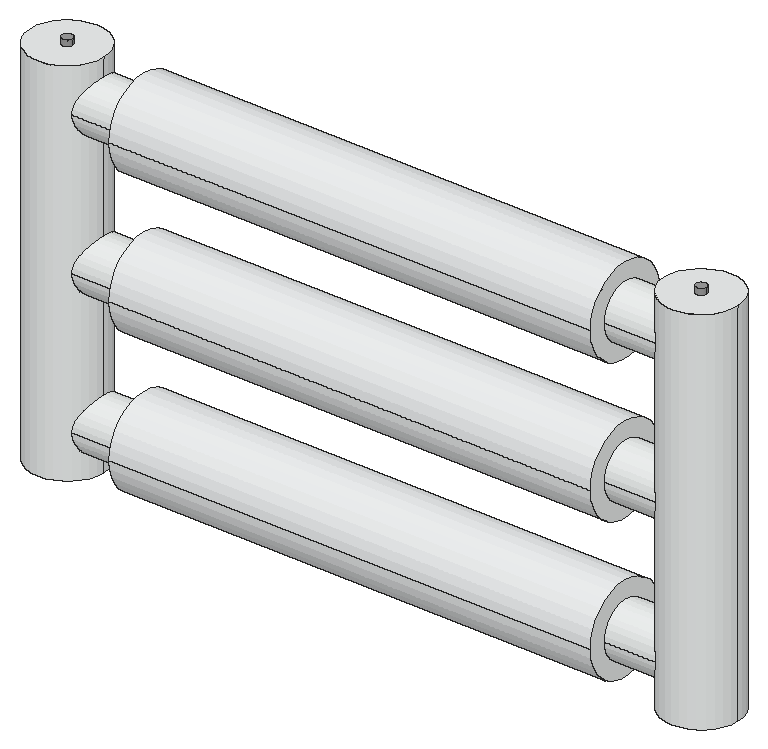
Revit family
Parameters (values of type "K101-164-12")
  URL = "http://viewer.zmags.com/publication/f01ae52f"
  Tube Radius = 50.8 mm
  Tube = RAL 9016
  Thermal Performance = Thermal Performance Constant * Length / 1000 mm  # 216
  Socket Thick = 10 mm
  Socket Radius = 10 mm
  Socket = RAL 9016
  Side Tube Radius = 69.5 mm
  R = Centre Line Distance / 2  # 135 mm
  Offset = 75 mm + Side Tube Radius  # 144.5 mm
  Model = "K101-164-12"
  Manufacturer = "Meinertz"  # constant formula
  Length = 1200 mm
  L = Length / 2  # 600 mm
  Keynote = "K101-164-12"
  Height = 150 mm
  GoGetNo = 6973  # constant formula
  Fins = yes
  Fin Radius = 82 mm
  Fin Pitch = RAL 9016 F
  Fin Diameter = Fin Radius * 2  # 164 mm
  Centre Line Distance = 270 mm
  Thermal Performance Constant = if(Fin Diameter = 73 mm, 88, if(Fin Diameter = 83 mm, 104, if(Fin Diameter = 92 mm, 88, if(Fin Diameter = 98 mm, 82, if(Fin Diameter = 123 mm, 110, if(Fin Diameter = 139 mm, 133, 180))))))  # 180
Types (9, lengths in mm): name | Tube Radius | Thermal Performance | Socket Radius | Side Tube Radius | R | Offset | Model | Keynote | Height | Fin Radius | Fin Diameter | Centre Line Distance | Thermal Performance Constant
  (no name) | 50.8 | 216 | 10 | 69.5 | 135 | 144.5 | "K101-164-12" | "K101-164-12" | 150 | 82 | 164 | 270 | 180
  K33-73-08 | 16.9 | 124.8 | 10 | 24 | 45 | 99 | "K33-73-08" | "K33-73-08" | 150 | 41.5 | 83 | 90 | 104
  K33-83-10 | 16.9 | 124.8 | 10 | 24 | 50 | 99 | "K33-83-10" | "K33-83-10" | 150 | 41.5 | 83 | 100 | 104
  K42-92-10 | 21.2 | 105.6 | 10 | 30 | 50 | 105 | "K42-92-10" | "K42-92-10" | 150 | 46 | 92 | 100 | 88
  K48-98-10 | 24.2 | 98.4 | 10 | 38 | 60 | 113 | "K48-98-10" | "K48-98-10" | 125 | 49 | 98 | 120 | 82
  K60-110-10 | 30.2 | 216 | 10 | 54 | 75 | 129 | "K60-110-10" | "K60-110-10" | 150 | 55 | 110 | 150 | 180
  K60-123-12 | 30.2 | 132 | 10 | 54 | 75 | 129 | "K60-123-12" | "K60-123-12" | 100 | 61.5 | 123 | 150 | 110
  K76-139-12 | 38.5 | 159.6 | 11.9 | 57 | 95 | 132 | "K76-139-12" | "K76-139-12" | 150 | 69.5 | 139 | 190 | 133
  K101-164-12 | 50.8 | 216 | 10 | 69.5 | 135 | 144.5 | "K101-164-12" | "K101-164-12" | 150 | 82 | 164 | 270 | 180
Reference planes
  plane 1 "Center (Front/Back)": y = 0
  plane 2: z = 0
  plane 3 "Center (Left/Right)": x = 2
  plane 4: z = 232
  plane 5: z = 502
  plane 6: z = 150
  plane 7: x = -598
  plane 8: x = 602
  plane 9: z = 367
  plane 10: x = 671.5
  plane 11: x = -667.5
  plane 12: z = 140
  plane 13: z = 772
  plane 14: z = 637
  plane 15: z = 854
  plane 16: z = 864
Forms (mm)
  Extrusion 1, solid, material "RAL 9016" <- "Tube"
    sketch origin (0, 0, 0) x (1, 0, 0) y (0, 1, 0)
      loop
        circle (602, 0) r 69.5
    from 150 to 854
  Extrusion 2, solid, material "RAL 9016" <- "Tube"
    sketch origin (0, 0, 0) x (1, 0, 0) y (0, 1, 0)
      loop
        circle (-598, 0) r 69.5
    from 150 to 854
  Extrusion 3, solid, material "Tap"
    sketch origin (0, 0, -238) x (1, 0, 0) y (0, 1, 0)
      loop
        circle (-598, 0) r 10
    from 378 to 388
  Extrusion 4, solid, material "Tap"
    sketch origin (4, 0, -238) x (-1, 0, 0) y (0, -1, 0)
      loop
        circle (-598, 0) r 10
    from 378 to 388
  Extrusion 5, solid, material "Tap"
    sketch origin (0, 0, 180) x (1, 0, 0) y (0, 1, 0)
      loop
        circle (-598, 0) r 10
    from 674 to 684
  Extrusion 6, solid, material "Tap"
    sketch origin (4, 0, 180) x (-1, 0, 0) y (0, -1, 0)
      loop
        circle (-598, 0) r 10
    from 674 to 684
Dimensions and locks
  "Centre Line Distance": plane 5 to plane 4
  "Height": plane 6 to level
  "Fin Radius": plane 4 to plane 6
  "L": plane 3 "Center (Left/Right)" to plane 7
  "L": plane 8 to plane 3 "Center (Left/Right)"
  equal spacing: plane 5, plane 9, plane 4
  "Side Tube Radius": plane 11 to plane 7
  "Side Tube Radius": plane 8 to plane 10
  "Socket Thick": plane 6 to plane 12
  equal spacing: plane 13, plane 14, plane 5
  "Centre Line Distance": plane 13 to plane 5
  "Fin Radius": plane 15 to plane 13
  "Socket Thick": plane 16 to plane 15
  "Side Tube Radius": radius of Extrusion 1 sketch curve
  "Side Tube Radius": radius of Extrusion 2 sketch curve
  "Socket Radius": radius of Extrusion 3 sketch curve
  "Socket Radius": radius of Extrusion 4 sketch curve
  "Socket Radius": radius of Extrusion 5 sketch curve
  "Socket Radius": radius of Extrusion 6 sketch curve
  aligned and locked: plane 1 "Center (Front/Back)" to nested 1
  aligned and locked: plane 4 to nested 1
  aligned and locked: plane 5 to nested 2
  aligned and locked: nested 2 to plane 8
  aligned and locked: plane 8 to nested 1
  aligned and locked: Extrusion 1 to plane 6
  aligned and locked: Extrusion 2 to plane 6
  aligned and locked: Extrusion 3 to Extrusion 2
  aligned and locked: plane 12 to Extrusion 3
  aligned and locked: plane 6 to Extrusion 4
  aligned and locked: plane 12 to Extrusion 4
  aligned and locked: plane 13 to nested 3
  aligned and locked: plane 15 to Extrusion 1
  aligned and locked: Extrusion 6 to plane 15
  aligned and locked: plane 16 to Extrusion 6
  aligned and locked: Extrusion 6 to Extrusion 5
  aligned and locked: Extrusion 5 to plane 15
  aligned and locked: Extrusion 1 to Extrusion 2
Automatic sketch dimensions
  Extrusion 1 sketch curve to plane 1 "Center (Front/Back)" = 0 mm
  Extrusion 1 sketch curve to plane 8 = 0 mm
  Extrusion 2 sketch curve to plane 1 "Center (Front/Back)" = 0 mm
  Extrusion 2 sketch curve to plane 7 = 0 mm
  Extrusion 3 sketch curve to plane 1 "Center (Front/Back)" = 0 mm
  Extrusion 3 sketch curve to plane 7 = 0 mm
  Extrusion 4 sketch curve to plane 1 "Center (Front/Back)" = 0 mm
  Extrusion 4 sketch curve to plane 8 = 0 mm
  Extrusion 5 sketch curve to plane 1 "Center (Front/Back)" = 0 mm
  Extrusion 5 sketch curve to plane 7 = 0 mm
  Extrusion 6 sketch curve to plane 1 "Center (Front/Back)" = 0 mm
  Extrusion 6 sketch curve to plane 8 = 0 mm
Nested families
  nested 1: "Ribberør LSV-Finned Tube" at (2, 0, 32), type "k33-73-08"
  nested 2: "Ribberør LSV-Finned Tube" at (2, 0, 302), type "k33-73-08"
  nested 3: "Ribberør LSV-Finned Tube" at (2, 0, 572), type "k33-73-08"
Connectors
  piping at (-598, 0, 140)
    settings: on Extrusion 3, index 1, connector radius 10 mm, flow factor 0, pipe flow 0.0 L/s, pressure drop 0.0 Pa, fitting loss kfactor 0, connector angle 0.00°, fixture units 0, flow configuration 1, flow direction 1, fitting loss method 0, system type 22, connector reference index -1, connector utility 0, adjustable connector no, is connector primary yes, fitting loss table "", connector description ""
  piping at (602, 0, 140)
    settings: on Extrusion 4, index 2, connector radius 10 mm, flow factor 0, pipe flow 0.0 L/s, pressure drop 0.0 Pa, fitting loss kfactor 0, connector angle 0.00°, fixture units 0, flow configuration 1, flow direction 2, fitting loss method 0, system type 22, connector reference index -1, connector utility 0, adjustable connector no, is connector primary no, fitting loss table "", connector description ""
  piping at (-598, 0, 864)
    settings: on Extrusion 5, index 3, connector radius 10 mm, flow factor 0, pipe flow 0.0 L/s, pressure drop 0.0 Pa, fitting loss kfactor 0, connector angle 0.00°, fixture units 0, flow configuration 1, flow direction 2, fitting loss method 0, system type 22, connector reference index -1, connector utility 0, adjustable connector no, is connector primary no, fitting loss table "", connector description ""
  piping at (602, 0, 864)
    settings: on Extrusion 6, index 4, connector radius 10 mm, flow factor 0, pipe flow 0.0 L/s, pressure drop 0.0 Pa, fitting loss kfactor 0, connector angle 0.00°, fixture units 0, flow configuration 1, flow direction 1, fitting loss method 0, system type 22, connector reference index -1, connector utility 0, adjustable connector no, is connector primary no, fitting loss table "", connector description ""
Definition of nested family "Ribberør LSV-Finned Tube"
  Parameters (values of type "K101-164-12")
    URL = "http://www.meinertz.com"
    Tube Radius = Tube Diameter / 2  # 50.8 mm
    Tube Diameter = 101.6 mm
    Tube = RAL 9016
    Offset = 75 mm
    Model = "K101-164-12"
    Max #1 Pole Breakers [instance] = 271
    Manufacturer = "Meinertz"
    Length = 1200 mm
    Keynote = "K101-164-12"
    Height = 150 mm
    GoGetNo = 6959  # constant formula
    Fins = yes
    Fin Radius = Fin Diameter / 2  # 82 mm
    Fin Pitch = RAL 9016 F
    Fin Offset = 0.6 mm
    Fin Diameter = 164 mm
    Assembly Code = ""
  Types (8, lengths in mm): name | Tube Radius | Tube Diameter | Offset | Model | Max #1 Pole Breakers | Keynote | Height | Fin Radius | Fin Offset | Fin Diameter
    K33-83-10 | 16.85 | 33.7 | 75 | "K33-83-10" | 271 | "K33-83-10" | 150 | 41.5 | 0.3 | 83
    K42-92-10 | 21.2 | 42.4 | 75 | "K42-92-10" | 271 | "K42-92-10" | 150 | 46 | 0.4 | 92
    K48-98-10 | 24.15 | 48.3 | 75 | "K48-98-10" | 271 | "K48-98-10" | 150 | 49 | 0.4 | 98
    K60-110-10 | 30.15 | 60.3 | 75 | "K60-110-10" | 271 | "K60-110-10" | 150 | 55 | 0.5 | 110
    K60-123-12 | 30.15 | 60.3 | 75 | "K60-123-12" | 271 | "K60-123-12" | 150 | 61.5 | 0.4 | 123
    K76-139-12 | 38.05 | 76.1 | 75 | "K76-139-12" | 271 | "K76-139-12" | 150 | 69.5 | 0.5 | 139
    K101-164-12 | 50.8 | 101.6 | 75 | "K101-164-12" | 271 | "K101-164-12" | 150 | 82 | 0.6 | 164
    k33-73-08 | 50.8 | 101.6 | 144.5 | "K101-164-12" | 196 | "K101-164-12" | 200 | 82 | 0.3 | 164
  Reference planes
    plane 1 "Center (Front/Back)": y = 0
    plane 2: z = 0
    plane 3 "Center (Left/Right)": x = 0
    plane 4: x = -600
    plane 5: x = 600
    plane 6: z = 150
    plane 7: x = -525
    plane 8: x = 525
  Forms (mm)
    Extrusion 1, solid, material "RAL 9016" <- "Tube"
      sketch origin (0, 0, 0) x (0, 1, 0) y (0, 0, 1)
        loop
          circle (0, 150) r 50.8
      from -600 to 600
    Extrusion 2, solid, material "RAL 9016 F" <- "Fin Pitch", visible <- "Fins"
      sketch origin (0, 0, 0) x (0, 1, 0) y (0, 0, 1)
        loop
          circle (0, 150) r 82
      from -525 to 525
  Dimensions and locks
    equal spacing: plane 4, plane 3 "Center (Left/Right)", plane 5
    "Length": plane 4 to plane 5
    "Offset": plane 4 to plane 7
    "Offset": plane 8 to plane 5
    "Height": plane 6 to plane 2
    "Tube Radius": radius of Extrusion 1 sketch curve
    "Fin Radius": radius of Extrusion 2 sketch curve
    aligned and locked: Extrusion 1 to plane 4
    aligned and locked: plane 5 to Extrusion 1
    aligned and locked: plane 8 to Extrusion 2
    aligned and locked: Extrusion 2 to plane 7
  Automatic sketch dimensions
    Extrusion 1 sketch curve to plane 1 "Center (Front/Back)" = 0 mm
    Extrusion 1 sketch curve to plane 6 = 0 mm
    Extrusion 2 sketch curve to plane 1 "Center (Front/Back)" = 0 mm
    Extrusion 2 sketch curve to plane 6 = 0 mm
